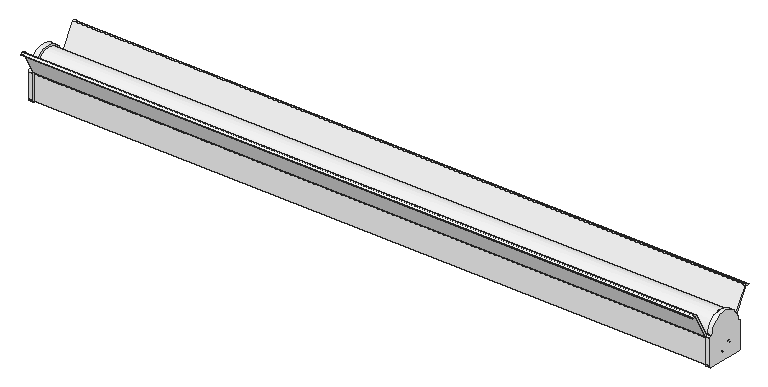
Revit family "0045200+0045233 Feilo Sylvania Lighting Fixture SYLBATTEN LED3 NW TP4 E3 with SYMMETRIC REFLECTOR ACCESSORY 1200MM", category Lighting Fixtures, host Face, Revit 2017
Family settings
  Host = Face
  Round Connector Dimension = Use Diameter
  Part Type = Normal
  OmniClass Number = 23.80.70.00
  OmniClass Title = Lighting
  Cut with Voids When Loaded = No
  Light Source = Yes
  Shared = No
  Room Calculation Point = No
Parameters (values of type "0045200 Emergency mode")
  Width_FEILO = 66 mm
  Weight = "3.196 kg"
  Wattage Comments = "n/a"
  Wattage = 27.9503 W
  WarrantyStartDate [instance] = "n/a"
  WarrantyGuarantorParts = "n/a"
  WarrantyDurationUnit = "n/a"
  WarrantyDurationParts = "n/a"
  WarrantyDescription = "n/a"
  built-in parameter 1150110 = 1 (stored number, unit not read)
  Voltage = 230 V
  URL = "http://www.sylvania-lighting.com"
  TypeName = "SYLBATTEN LED3 NW TP4 E3"
  Type Image = <None>
  Type Comments = "n/a"
  built-in parameter 1114217 = 1 (stored number, unit not read)
  Tilt Angle = -90.00°
  built-in parameter 1150109 = 1 (stored number, unit not read)
  built-in parameter 1150134 = 12
  SymReflector_FEILO = yes
  built-in parameter 1150113 = 1 (stored number, unit not read)
  SerialNumber [instance] = "n/a"
  PowerFactor = 0
  PowerConsumption = "27.9 W"
  Photometric Web File = "0045200+0045233.ies"
  NominalLength = 1205 mm
  NominalHeight = 91 mm
  NominalDepth = 122 mm
  Name = "SYLBATTEN LED3 NW TP4 E3"
  ModelReference = Name  # "SYLBATTEN LED3 NW TP4 E3"
  ModelNumber = "0045200"
  Model = Name  # "SYLBATTEN LED3 NW TP4 E3"
  Material_4_FEILO = Reflector-Sylvania-Sylbatten-White
  Material_3_FEILO = Diffuser-Sylvania-Sylbatten-Glow
  Material_2_FEILO = Body-Sylvania-Sylbatten-White
  Material_1_FEILO = Body-Sylvania-Sylbatten-White
  Material = "sheet steel housing, polycarbonate diffuser"
  ManufacturerName = "Feilo Sylvania"
  Manufacturer = "Feilo Sylvania"
  LuminousEfficacy = "100.4 lm/W"
  built-in parameter 1150105 = 156.8 (stored number, unit not read)
  Lumens = 450 lm
  LuminaireType = ""
  built-in parameter 1150115 = 1 (stored number, unit not read)
  LightOutputRatio = "100"
  built-in parameter 1150137 = (empty or 0)
  built-in parameter 1150139 = (empty or 0)
  Length_FEILO = 1205 mm
  LampsType = Lamp  # "LED"
  LampNominalLuminous = "450 lm"
  LampMacAdamStep = "n/a"
  LampColourTemperature = "4000 K"
  LampColourRenderingIndex = "80"
  built-in parameter 1150112 = 1 (stored number, unit not read)
  built-in parameter 1150114 = 1 (stored number, unit not read)
  Lamp = "LED"
  Keynote = "16500"
  InstallationDate [instance] = "n/a"
  InputVoltage = "220-240V~"
  InputNominalFrequency = "n/a"
  built-in parameter 1150132 = (empty or 0)
  built-in parameter 1150102 = (empty or 0)
  built-in parameter 1150107 = 4000 (stored number, unit not read)
  built-in parameter 1150138 = (empty or 0)
  IngressProtection = "IP20"
  ImpactProtectionIndex = "IK07"
  built-in parameter 1150106 = 1.568 (stored number, unit not read)
  IfcExportType = "IfcLightFixtureType"
  IfcExportAs = "IfcLightFixtureType"
  Height_FEILO = 76 mm
  ExpectedLife = 50000
  Emit from Rectangle Width = Length_FEILO - 16 mm  # 1189 mm
  Emit from Rectangle Length = Width_FEILO - 40 mm  # 26 mm
  Emit Shape Visible in Rendering = no
  ElectricShockClassification = "Class I"
  built-in parameter 1150104 = 1.4957 (stored number, unit not read)
  DurationUnit = "hours"
  DocumentationLiterature = "http://www.sylvania-lighting.com/product/en-int/products/0045200"
  DimmingControlOptions = "n/a"
  Dimming Lamp Color Temperature Shift = <None>
  Description = "LED batten, T8 replacement, ease of installation through 2 part push-in design of the housing (safety cable included), through wiring capability (TP4 = 4 core), sheet steel, 2812LM, 26W, 108lm/W, 4000K, drive current: 350mA, CRI 80, 138° wide beam angle, electronic driver (non dimmable), integral 3 hour maintained emergency, IP20, IK07, 50,000 hrs (L70), (LxWxH) 1205x66x76mm, 5 step MacAdam ellipse, 3kg, white RAL9016, Class 1, 220-240V, energy class: A++, A+, A."
  Default Elevation = 1219.2 mm
  CreatedOn = "1/25/2018"
  CreatedBy = ""
  Cost = 0
  Color Filter = 16777215
  built-in parameter 1114216 [instance] = (empty or 0)
  ClassificationValue = "EF_70_80"
  ClassificationName = "Uniclass2015"
  CapOffset_FEILO = 2 mm
  BarCode [instance] = "n/a"
  built-in parameter 1114218 = 1 (stored number, unit not read)
  BackReflector_FEILO = and(not(AsymReflector_FEILO), SymReflector_FEILO)  # yes
  built-in parameter 1150133 = 10 (stored number, unit not read)
  FrontReflector_FEILO = or(AsymReflector_FEILO, SymReflector_FEILO)  # yes
  AsymReflector_FEILO = no
  AssetType = "Fixed"
  AssetIdentifier [instance] = "n/a"
  Assembly Code = "D5020200"
  Apparent Load = 27.9503 VA
Types (2, lengths in mm): name | Wattage | PowerConsumption | built-in parameter 1150105 | Lumens | LampNominalLuminous | built-in parameter 1150106 | built-in parameter 1150104 | Apparent Load
  0045200 Emergency mode | 27.9503 W | "27.9 W" | 156.8 (stored number, unit not read) | 450 lm | "450 lm" | 1.568 (stored number, unit not read) | 1.4957 (stored number, unit not read) | 27.9503 VA
  0045200 SYLBATTEN LED3 NW TP4 E3 | 28 W | "28 W" | 223.75 (stored number, unit not read) | 2811.76 lm | "2812 lm" | 2.2375 (stored number, unit not read) | 9.3293 (stored number, unit not read) | 28 VA
Reference planes
  plane 1 "Center (Front/Back)": y = 0
  plane 2: z = 0
  plane 3 "Center (Left/Right)": x = 0
  plane 4: x = 602.5
  plane 5: x = -602.5
  plane 6: y = 33
  plane 7: y = -33
  plane 8: z = 76
  plane 9: z = 47
  plane 10: y = -29
  plane 11: y = 29
  plane 12: z = 20
  plane 13: z = 74
  plane 14: y = -31
  plane 15: y = -27
  plane 16: y = 27
  plane 17: y = 31
  plane 18: z = 2
  plane 19: x = -594.5
  plane 20: x = 594.5
  plane 21: z = 49
  plane 22: y = 1
  plane 23: y = -1
  plane 24: z = 21
  plane 25: z = 19
  plane 26: y = -61
  plane 27: y = 61
  plane 28: y = -56
  plane 29: y = 56
  plane 30: z = 91
  plane 31: z = 88
Forms (mm)
  Extrusion 1, solid, material "Body-Sylvania-Sylbatten-White" <- "Material_2_FEILO"
    sketch origin (0, 0, 0) x (0, 1, 0) y (0, 0, 1)
      loop
        line (-31, 2) -> (31, 2) -> (31, 45)
        arc (31, 45) -> (30.414, 46.414) -> (29, 47) r 2
        line (29, 47) -> (27, 47)
        arc (27, 47) -> (0, 74) -> (-27, 47) r 27
        line (-27, 47) -> (-29, 47)
        arc (-29, 47) -> (-30.414, 46.414) -> (-31, 45) r 2
        line (-31, 45) -> (-31, 2)
    from -594.5 to 594.5
  Extrusion 2, solid, material "Body-Sylvania-Sylbatten-White" <- "Material_2_FEILO"
    sketch origin (602.5, 1524, 1219.2) x (0, 1, 0) y (0, 0, 1)
      loop
        arc (-1494, -1219.2) -> (-1491.879, -1218.321) -> (-1491, -1216.2) r 3
        line (-1491, -1216.2) -> (-1491, -1173.2)
        arc (-1491, -1173.2) -> (-1491.879, -1171.079) -> (-1494, -1170.2) r 3
        line (-1494, -1170.2) -> (-1495.069, -1170.2)
        arc (-1495.069, -1170.2) -> (-1524, -1143.2) -> (-1552.931, -1170.2) r 29
        line (-1552.931, -1170.2) -> (-1554, -1170.2)
        arc (-1554, -1170.2) -> (-1556.121, -1171.079) -> (-1557, -1173.2) r 3
        line (-1557, -1173.2) -> (-1557, -1216.2)
        arc (-1557, -1216.2) -> (-1556.121, -1218.321) -> (-1554, -1219.2) r 3
        line (-1554, -1219.2) -> (-1494, -1219.2)
      loop
        arc (-1525, -1189.25) -> (-1531.071, -1192.129) -> (-1533.95, -1198.2) r 10
        line (-1533.95, -1198.2) -> (-1532.944, -1198.2)
        arc (-1532.944, -1198.2) -> (-1530.364, -1192.836) -> (-1525, -1190.256) r 9
        line (-1525, -1190.256) -> (-1525, -1189.25)
      loop
        arc (-1523, -1190.256) -> (-1517.636, -1192.836) -> (-1515.056, -1198.2) r 9
        line (-1515.056, -1198.2) -> (-1514.05, -1198.2)
        arc (-1514.05, -1198.2) -> (-1516.929, -1192.129) -> (-1523, -1189.25) r 10
        line (-1523, -1189.25) -> (-1523, -1190.256)
      loop
        line (-1532.944, -1200.2) -> (-1533.95, -1200.2)
        arc (-1533.95, -1200.2) -> (-1531.071, -1206.271) -> (-1525, -1209.15) r 10
        line (-1525, -1209.15) -> (-1525, -1208.144)
        arc (-1525, -1208.144) -> (-1530.364, -1205.564) -> (-1532.944, -1200.2) r 9
      loop
        arc (-1515.056, -1200.2) -> (-1517.636, -1205.564) -> (-1523, -1208.144) r 9
        line (-1523, -1208.144) -> (-1523, -1209.15)
        arc (-1523, -1209.15) -> (-1516.929, -1206.271) -> (-1514.05, -1200.2) r 10
        line (-1514.05, -1200.2) -> (-1515.056, -1200.2)
    from 0 to -8
  Extrusion 3, solid, material "Body-Sylvania-Sylbatten-White" <- "Material_2_FEILO"
    sketch origin (-602.5, 1524, 1219.2) x (0, 1, 0) y (0, 0, 1)
      loop
        arc (-1495.069, -1170.2) -> (-1524, -1143.2) -> (-1552.931, -1170.2) r 29
        line (-1552.931, -1170.2) -> (-1554, -1170.2)
        arc (-1554, -1170.2) -> (-1556.121, -1171.079) -> (-1557, -1173.2) r 3
        line (-1557, -1173.2) -> (-1557, -1216.2)
        arc (-1557, -1216.2) -> (-1556.121, -1218.321) -> (-1554, -1219.2) r 3
        line (-1554, -1219.2) -> (-1494, -1219.2)
        arc (-1494, -1219.2) -> (-1491.879, -1218.321) -> (-1491, -1216.2) r 3
        line (-1491, -1216.2) -> (-1491, -1173.2)
        arc (-1491, -1173.2) -> (-1491.879, -1171.079) -> (-1494, -1170.2) r 3
        line (-1494, -1170.2) -> (-1495.069, -1170.2)
      loop
        line (-1533.95, -1198.2) -> (-1532.944, -1198.2)
        arc (-1532.944, -1198.2) -> (-1530.364, -1192.836) -> (-1525, -1190.256) r 9
        line (-1525, -1190.256) -> (-1525, -1189.25)
        arc (-1525, -1189.25) -> (-1531.071, -1192.129) -> (-1533.95, -1198.2) r 10
      loop
        line (-1523, -1189.25) -> (-1523, -1190.256)
        arc (-1523, -1190.256) -> (-1517.636, -1192.836) -> (-1515.056, -1198.2) r 9
        line (-1515.056, -1198.2) -> (-1514.05, -1198.2)
        arc (-1514.05, -1198.2) -> (-1516.929, -1192.129) -> (-1523, -1189.25) r 10
      loop
        line (-1514.05, -1200.2) -> (-1515.056, -1200.2)
        arc (-1515.056, -1200.2) -> (-1517.636, -1205.564) -> (-1523, -1208.144) r 9
        line (-1523, -1208.144) -> (-1523, -1209.15)
        arc (-1523, -1209.15) -> (-1516.929, -1206.271) -> (-1514.05, -1200.2) r 10
      loop
        line (-1525, -1209.15) -> (-1525, -1208.144)
        arc (-1525, -1208.144) -> (-1530.364, -1205.564) -> (-1532.944, -1200.2) r 9
        line (-1532.944, -1200.2) -> (-1533.95, -1200.2)
        arc (-1533.95, -1200.2) -> (-1531.071, -1206.271) -> (-1525, -1209.15) r 10
    from 0 to 8
  Extrusion 4, solid, material "Reflector-Sylvania-Sylbatten-White" <- "Material_4_FEILO", visible <- "FrontReflector_FEILO"
    sketch origin (0, 0, 0) x (0, 1, 0) y (0, 0, 1)
      loop
        line (-61.257, 88.429) -> (-60.743, 87.571) -> (-56.621, 90.044)
        arc (-56.621, 90.044) -> (-56.237, 90.099) -> (-55.929, 89.863) r 0.5
        line (-55.929, 89.863) -> (-31.435, 46.753) -> (-30.565, 47.247) -> (-55.312, 90.802)
        arc (-55.312, 90.802) -> (-55.928, 91.275) -> (-56.696, 91.165) r 1
        line (-56.696, 91.165) -> (-61.257, 88.429)
    from -594.5 to 594.5
  Extrusion 5, solid, material "Reflector-Sylvania-Sylbatten-White" <- "Material_4_FEILO", visible <- "BackReflector_FEILO"
    sketch origin (0, 0, 0) x (0, 1, 0) y (0, 0, 1)
      loop
        line (30.565, 47.247) -> (31.435, 46.753) -> (55.932, 89.868)
        arc (55.932, 89.868) -> (56.245, 90.112) -> (56.638, 90.062) r 0.518
        line (56.638, 90.062) -> (61.033, 87.565) -> (61.527, 88.435) -> (56.682, 91.188)
        arc (56.682, 91.188) -> (55.922, 91.282) -> (55.318, 90.812) r 1
        line (55.318, 90.812) -> (30.565, 47.247)
    from -594.5 to 594.5
Lines and regions (mm)
  reference lines
    curve 1: line (0, -61, 88) -> (0, -56, 91)
    curve 2: line (0, -56, 91) -> (0, -31, 47)
    curve 3: line (0, 31, 47) -> (0, 56, 91)
    curve 4: line (0, 56, 91) -> (0, 61.28, 88)
Dimensions and locks
  equal spacing: plane 5, plane 3 "Center (Left/Right)", plane 4
  equal spacing: plane 7, plane 1 "Center (Front/Back)", plane 6
  "Width_FEILO": plane 7 to plane 6
  "Length_FEILO": plane 5 to plane 4
  "Height_FEILO": plane 8 to plane 2
  locked: plane 9 to plane 8 at 29
  equal spacing: plane 10, plane 1 "Center (Front/Back)", plane 11
  locked: plane 7 to plane 10 at 4
  locked: plane 12 to plane 2 at 20
  "CapOffset_FEILO": plane 13 to plane 8
  "CapOffset_FEILO": plane 7 to plane 14
  "CapOffset_FEILO": plane 10 to plane 15
  "CapOffset_FEILO": plane 17 to plane 6
  "CapOffset_FEILO": plane 16 to plane 11
  "CapOffset_FEILO": plane 18 to plane 2
  locked: plane 14 to Extrusion 1 sketch curve at 2
  locked: Extrusion 1 sketch curve to plane 9 at 2  (x2)
  locked: plane 16 to Extrusion 1 sketch curve at 2
  equal spacing: plane 19, plane 3 "Center (Left/Right)", plane 20
  locked: plane 5 to plane 19 at 8
  "CapOffset_FEILO": plane 9 to plane 21
  locked: Extrusion 2 sketch curve to plane 2 at 47
  locked: Extrusion 1 sketch curve to plane 2 at 47
  locked: Extrusion 2 sketch curve to plane 2 at 3  (x2)
  locked: plane 7 to Extrusion 2 sketch curve at 3  (x2)
  locked: Extrusion 2 sketch curve to plane 6 at 3  (x2)
  locked: Extrusion 2 sketch curve to plane 21 at 3  (x2)
  equal spacing: plane 23, plane 1 "Center (Front/Back)", plane 22
  equal spacing: plane 25, plane 12, plane 24
  plane 30 to plane 31 to plane 2 = 3 mm locked, 88 mm locked
  plane 28 to plane 29 = 112 mm
  plane 26 to plane 27 = 122 mm
  aligned and locked: plane 2 to host face
  aligned and locked: level to host face
  aligned and locked: plane 18 to Extrusion 1 sketch curve
  aligned and locked: plane 14 to Extrusion 1 sketch curve
  aligned and locked: Extrusion 1 sketch curve to plane 9  (x2)
  aligned and locked: Extrusion 1 sketch curve to plane 17
  aligned and locked: plane 15 to Extrusion 1 sketch curve
  aligned and locked: plane 16 to Extrusion 1 sketch curve
  aligned and locked: plane 9 to Extrusion 1 sketch curve
  aligned and locked: plane 20 to Extrusion 1
  aligned and locked: level to Extrusion 2 sketch curve
  aligned and locked: Extrusion 2 sketch curve to plane 7
  aligned and locked: plane 21 to Extrusion 2 sketch curve
  aligned and locked: Extrusion 2 sketch curve to plane 21
  aligned and locked: plane 1 "Center (Front/Back)" to Extrusion 2 sketch curve  (x3)
  aligned and locked: Extrusion 2 to Extrusion 1
  aligned and locked: plane 4 to Extrusion 2
  aligned and locked: plane 12 to Extrusion 2 sketch curve  (x2)
  aligned and locked: Extrusion 2 sketch curve to plane 22
  aligned and locked: Extrusion 2 sketch curve to plane 23
  aligned and locked: Extrusion 2 sketch curve to plane 24
  aligned and locked: Extrusion 2 sketch curve to plane 25
  aligned and locked: plane 25 to Extrusion 2 sketch curve
  aligned and locked: plane 22 to Extrusion 2 sketch curve
  aligned and locked: plane 24 to Extrusion 2 sketch curve
  aligned and locked: plane 23 to Extrusion 2 sketch curve  (x2)
  aligned and locked: Extrusion 3 sketch curve to Extrusion 2  (x22)
  aligned and locked: Extrusion 3 to Extrusion 1
  aligned and locked: Extrusion 3 to plane 5
  aligned and locked: plane 19 to Extrusion 3
  aligned and locked: plane 31 to curve 1
  aligned and locked: plane 30 to curve 1
  aligned and locked: plane 14 to curve 2
  aligned and locked: plane 9 to curve 2
  aligned and locked: plane 17 to curve 3
  aligned and locked: plane 30 to curve 3
  aligned and locked: plane 31 to curve 4
  aligned and locked: Extrusion 4 sketch curve to curve 2
  aligned and locked: Extrusion 4 sketch curve to curve 1
  aligned and locked: Extrusion 4 to Extrusion 1
  aligned and locked: Extrusion 1 to Extrusion 4
  aligned and locked: imposter light to plane 1 "Center (Front/Back)"
  aligned and locked: imposter light to plane 3 "Center (Left/Right)"
  aligned and locked: imposter light to plane 13
  aligned and locked: Extrusion 5 sketch curve to curve 4
  aligned and locked: Extrusion 5 sketch curve to curve 3
  aligned and locked: Extrusion 1 to Extrusion 5
  aligned and locked: Extrusion 5 to Extrusion 1
Automatic sketch dimensions
  host sketch curve to host sketch curve = 2438.4 mm  (x2)
  Extrusion 2 sketch curve to Extrusion 2 sketch curve = 0 mm  (x14)
  Extrusion 2 sketch curve to plane 10 = 0.069 mm
  plane 23 to Extrusion 2 sketch curve = 8.95 mm
  Extrusion 2 sketch curve to Extrusion 2 sketch curve = 1.006 mm  (x4)
  Extrusion 2 sketch curve to plane 22 = 7.944 mm
  curve 1 to plane 26 = 0 mm
  curve 2 to plane 28 = 0 mm
  curve 4 to plane 29 = 0 mm
  plane 9 to curve 3 = 0 mm
  plane 26 to Extrusion 4 sketch curve = 0.257 mm
  Extrusion 4 sketch curve to plane 26 = 0.257 mm
  Extrusion 4 sketch curve to plane 30 = 0.165 mm
  plane 28 to Extrusion 4 sketch curve = 0.696 mm
  plane 28 to Extrusion 4 sketch curve = 0.621 mm
  plane 28 to Extrusion 4 sketch curve = 0.364 mm
  plane 28 to Extrusion 4 sketch curve = 0.182 mm
  Extrusion 4 sketch curve to plane 28 = 0.071 mm
  plane 30 to Extrusion 4 sketch curve = 0.198 mm
  Extrusion 4 sketch curve to plane 28 = 0.688 mm
  plane 9 to Extrusion 4 sketch curve = 0.247 mm
  plane 1 "Center (Front/Back)" to Extrusion 4 sketch curve = 31.435 mm
  Extrusion 5 sketch curve to plane 9 = 0.247 mm
  Extrusion 5 sketch curve to plane 1 "Center (Front/Back)" = 30.565 mm
  plane 9 to Extrusion 5 sketch curve = 0.247 mm
  plane 30 to Extrusion 5 sketch curve = 0.188 mm
  plane 29 to Extrusion 5 sketch curve = 0.068 mm
  Extrusion 5 sketch curve to plane 29 = 0.188 mm
  Extrusion 5 sketch curve to plane 29 = 0.382 mm
  Extrusion 5 sketch curve to Extrusion 5 sketch curve = 0.256 mm
  Extrusion 5 sketch curve to plane 30 = 0.188 mm
  Extrusion 5 sketch curve to plane 29 = 0.682 mm
  Extrusion 5 sketch curve to plane 27 = 0.033 mm
  Extrusion 5 sketch curve to plane 27 = 0.527 mm
Connectors
  electrical at (0, 0, 0), driven by "Apparent Load", driven by "PowerFactor", driven by "Voltage"
    settings: index 1, voltage 230 V, apparent load 27.9503 VA, apparent load phase1 0 VA, apparent load phase2 0 VA, apparent load phase3 0 VA, power factor 0, load classification "Lighting", number of poles 1, system type 30, power factor state 1, is connector primary yes, connector utility no, sub classification motor no, connector description ""
